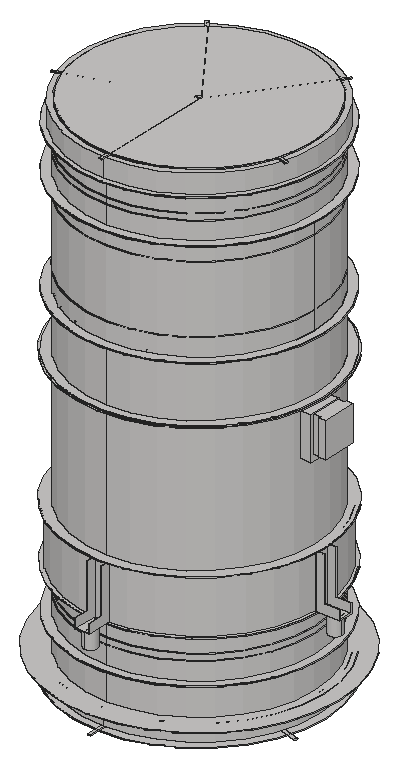
Revit family "HARMANN - REVIT - MAXEE - pionowy", category Wyposażenie mechaniczne, Revit 2025
Family settings
  Wymiar okrągłego złącza = Użyj średnicy
  Klasyfikacja = Brak
  Typ części = Normalny
  Oparty na płaszczyźnie roboczej = Nie
  Zawsze pionowo = Tak
  Tnij formami wycięć po wczytaniu = Nie
  Zachowaj orientację opisów = Nie
  Współdzielony = Nie
  Punkt obliczania pomieszczeń = Nie
Parameters (values of type "MAXEE 1250/6/119600T")
  Zaznacz wybrane akcesoria [instance] = "Wybierz akcesoria"  # constant formula
  Zasilanie natężenie maksymalne Imax = 68.8 A
  Zasilanie napięcie nominalne Unom = 400 V  # constant formula
  Zasilanie Moc maksymalna Pmax = 37683 W
  Zasilanie Ilość faz = 3  # constant formula
  Zasilanie Częstotliwość Nominalna fnom = 50 Hz  # constant formula
  Zasilanie Częstotliwość Minimalna fmin = 20 Hz  # constant formula
  Zasilanie Częstotliwość Maksymalna fmax = 60 Hz
  Wyłącznik serwisowy AS [instance] = 1 = 1  # yes
  Wysokość FSD = size_lookup(Lookup Table Name, "Wysokość FSD", 1.00 mm, N1)  # 94.00 mm
  Wysokość FAL = size_lookup(Lookup Table Name, "Wysokość FAL", 1.00 mm, N1)  # 270.00 mm
  Wysokość = R2 - (Wysokość FAL / 2) + 8.00 mm  # 498.00 mm
  Temperatura pracy T = 60 °C  # constant formula
  TRA [instance] = and(D > 999.00 mm, D < 1251.00 mm)  # yes
  Rzeczywista Wartość Przepływu Wylot [instance] = Podaj Rzeczywistą Wartość Przepływu Wylot  # 0.0 m³/h
  Rzeczywista Wartość Przepływu Wlot [instance] = Podaj Rzeczywistą Wartość Przepływu Wlot  # 0.0 m³/h
  R2 = D / 2  # 625.00 mm
  Powietrze ciśnienie statyczne maksymalne dPmax = 1015.0 Pa
  Powietrze Przepływ Maksymalny Qmax = 119640.0 m³/h
  Podaj Rzeczywistą Wartość Przepływu Wylot [instance] = 0.0 m³/h
  Podaj Rzeczywistą Wartość Przepływu Wlot [instance] = 0.0 m³/h
  Obroty nominalne nnom = 1190.000 obr./min
  Numer artykułu = "16259200"
  N1 = 40 mm
  Model = "MAXEE 1250/6/119600T"
  Moc akustyczna nominalna obudowa Lwa = "96 dB(A)"
  Masa = 550.00 kg
  Producent = "Harmann Polska Sp. z o.o."  # constant formula
  MAXEE = HARMANN - MAXEE : MAXEE 1250/6/119600T
  Lookup Table Name = "MAXEE"
  Klasa odporności ogniowej Tmax = "brak"  # constant formula
  F = size_lookup(Lookup Table Name, "F", 1.00 mm, N1)  # 997.00 mm
  Długość TRA = Długość MAXEE - (23.50 mm * 2)  # 681.00 mm
  Długość SGE = 6.50 mm  # constant formula
  Długość RVS SPR [instance] = if(Czy Przyłącze okrągłe RVS, Długość RVS, 0.00 mm)  # 308.00 mm
  Długość RVS [instance] = size_lookup(Lookup Table Name, "Długość RVS", 1.00 mm, N1)  # 308.00 mm
  Długość RVK SPR [instance] = if(Czy Klapa Zwrotna RVK, Długość RVK, 0.00 mm)  # 566.00 mm
  Długość RVK [instance] = size_lookup(Lookup Table Name, "Długość RVK F4", 1.00 mm, N1)  # 566.00 mm
  Długość EXP od strony tłoczonej SPR [instance] = if(Czy Złącze Elastyczne EXP od strony tłocznej, Długość EXP, 0.00 mm)  # 235.00 mm
  Długość EXP SPR [instance] = if(Czy Złącze Elastyczne EXP, Długość EXP, 0.00 mm)  # 235.00 mm
  Długość EXP [instance] = size_lookup(Lookup Table Name, "Długość RAS F4", 1.00 mm, N1)  # 235.00 mm
  Długość RAF SPR [instance] = if(Czy Kołnierz Wlotowy RAF od strony tłocznej, Długość RAF, 0.00 mm)  # 105.00 mm
  Długość RAF [instance] = size_lookup(Lookup Table Name, "Długość RAF", 1.00 mm, N1)  # 105.00 mm
  Długość MR = size_lookup(Lookup Table Name, "Długość MR", 1.00 mm, N1)  # 300.00 mm
  Długość MAXEE = size_lookup(Lookup Table Name, "B", 1.00 mm, N1)  # 728.00 mm
  Długość ESD SPR [instance] = if(Czy Dysza wlotowa ESD, Długość ESD, 0.00 mm)  # 178.00 mm
  Długość ESD [instance] = size_lookup(Lookup Table Name, "Długość ESD", 1.00 mm, N1)  # 178.00 mm
  Opis = "Kanałowy wentylator - uklad wertykalny"  # constant formula
  Domyślna rzędna = 1219.20 mm
  D2 = D + 6.00 mm  # 1256.00 mm
  D = size_lookup(Lookup Table Name, "D", 1.00 mm, N1)  # 1250.00 mm
  Czy Złącze Elastyczne EXP od strony tłocznej [instance] = yes
  Czy Złącze Elastyczne EXP [instance] = yes
  Czy Siatka Ochronna SGW od strony ssawnej [instance] = yes
  Czy Siatka Ochronna SGW od strony tłocznej [instance] = yes
  Czy Przyłącze okrągłe RVS [instance] = yes
  Czy Kołnierz Wlotowy RAF od strony tłocznej [instance] = 1 = 1  # yes
  Czy Kołnierz Wlotowy RAF od strony ssawnej [instance] = 1 = 1  # yes
  Czy Klapa Zwrotna RVK [instance] = yes
  Czy Dysza wlotowa ESD [instance] = yes
  Ciśnienie akustyczne nominalne obudowa Lpa = "89 dB(A)"
  C = size_lookup(Lookup Table Name, "C", 1.00 mm, N1)  # 1320.00 mm
  B = size_lookup(Lookup Table Name, "B", 1.00 mm, N1)  # 728.00 mm
  Autor = "https://www.archispace.com/"
  Akcesoria od strony tłocznej (WYLOT) [instance] = "Akcesoria od strony tłocznej"  # constant formula
  Akcesoria od strony ssawnej (WLOT) = "Akcesoria od strony ssawnej"  # constant formula
  Akc SGE dla ESD = HARMANN - Akcesoria - SGE : SGE 1400
  Akc SGE = HARMANN - Akcesoria - SGE : SGE 1250
  Akc RVS = HARMANN - Akcesoria - RVS : RVS 1250
  Akc RVK = HARMANN - Akcesoria - RVK : RVK 1250
  Akc EXP = HARMANN - Akcesoria - EXP : EXP 1250
  Akc RAF = HARMANN - Akcesoria - RAF : RAF 1250
  Akc MR = HARMANN - Akcesoria - MR : MR 1250
  Akc ESD = HARMANN - Akcesoria - ESD : ESD 1250
  A = size_lookup(Lookup Table Name, "A", 1.00 mm, N1)  # 1370.00 mm
Reference planes
  plane 1 "Center (Front/Back)": y = 0
  plane 2: z = 0
  plane 3 "Center (Left/Right)": x = 0
  plane 4: z = 111.5
  plane 5: z = 824.5
  plane 6: z = 524.5
  plane 7: z = 289.5
  plane 8: z = 1552.5
  plane 9: z = 2661.5
  plane 10: z = 2426.5
  plane 11: z = 2766.5
  plane 12: z = 2773
  plane 13: z = 1860.5
  plane 14: z = 6.5
Dimensions and locks
  "Długość MR": plane 5 to plane 6
  "Długość EXP SPR": plane 6 to plane 7
  "Długość MAXEE": plane 8 to plane 5
  "Długość ESD SPR": plane 7 to plane 4
  "Długość RVK SPR": plane 10 to plane 13
  "Długość RVS SPR": plane 13 to plane 8
  "Długość EXP od strony tłoczonej SPR": plane 9 to plane 10
  "Długość RAF SPR": plane 11 to plane 9
  "Długość SGE": plane 12 to plane 11
  "Długość RAF SPR": plane 4 to plane 14
  "Długość SGE": plane 14 to level
  aligned and locked: level to plane 2
  aligned and locked: nested 1 to plane 1 "Center (Front/Back)"
  aligned and locked: nested 2 to plane 1 "Center (Front/Back)"
  aligned and locked: nested 3 to plane 1 "Center (Front/Back)"
  aligned and locked: nested 4 to plane 1 "Center (Front/Back)"
  aligned and locked: nested 4 to plane 5
  aligned and locked: nested 2 to plane 6
  aligned and locked: nested 3 to plane 7
  aligned and locked: plane 8 to nested 1
  aligned and locked: plane 1 "Center (Front/Back)" to nested 5
  aligned and locked: nested 6 to plane 9
  aligned and locked: nested 7 to plane 10
  aligned and locked: plane 1 "Center (Front/Back)" to nested 7
  aligned and locked: plane 3 "Center (Left/Right)" to nested 7
  aligned and locked: nested 8 to plane 1 "Center (Front/Back)"
  aligned and locked: plane 11 to nested 8
  aligned and locked: plane 13 to nested 5
  aligned and locked: nested 9 to plane 1 "Center (Front/Back)"
  aligned and locked: plane 12 to nested 9
  aligned and locked: plane 1 "Center (Front/Back)" to nested 10
  aligned and locked: plane 4 to nested 11
  aligned and locked: plane 14 to nested 10
  aligned and locked: plane 1 "Center (Front/Back)" to nested 11
Nested families
  nested 1: "HARMANN - MAXEE" at (0, 0, 824.5) x (0, 1, 0) z (1, 0, 0), type <- "MAXEE", type "MAXEE 1250/6/119600T"
  nested 2: "HARMANN - Akcesoria - EXP" at (0, 0, 289.5) x (0, 1, 0) z (1, 0, 0), type <- "Akc EXP", visible <- "Czy Złącze Elastyczne EXP", type "EXP 1250"
    with N1 13 mm, Masa 20.60 kg, E 235.00 mm, D 1254.00 mm, B 1250.00 mm, A2 1350.00 mm, A 1320.00 mm
  nested 3: "HARMANN - Akcesoria - ESD" at (0, 0, 111.5) x (0, 1, 0) z (1, 0, 0), type <- "Akc ESD", visible <- "Czy Dysza wlotowa ESD", type "ESD 1250"
  nested 4: "HARMANN - Akcesoria - MR" at (0, 0, 524.5) x (0, 1, 0) z (1, 0, 0), type <- "Akc MR", type "MR 1250"
  nested 5: "HARMANN - Akcesoria - RVS" at (0, 0, 1860.5) x (0, -1, 0) z (1, 0, 0), type <- "Akc RVS", visible <- "Czy Przyłącze okrągłe RVS", type "RVS 1250"
  nested 6: "HARMANN - Akcesoria - EXP" at (0, 0, 2426.5) x (0, 1, 0) z (1, 0, 0), type <- "Akc EXP", visible <- "Czy Złącze Elastyczne EXP od strony tłocznej", type "EXP 1250"
    with N1 13 mm, Masa 20.60 kg, E 235.00 mm, D 1254.00 mm, B 1250.00 mm, A2 1350.00 mm, A 1320.00 mm
  nested 7: "HARMANN - Akcesoria - RVK" at (0, 0, 1860.5) x (1, 0, 0) z (0, -1, 0), type <- "Akc RVK", visible <- "Czy Klapa Zwrotna RVK", type "RVK 1250"
    with Instalacja Pionowa yes
  nested 8: "HARMANN - Akcesoria - RAF" at (0, 0, 2661.5) x (0, -1, 0) z (1, 0, 0), type <- "Akc RAF", visible <- "Czy Kołnierz Wlotowy RAF od strony tłocznej", type "RAF 1250"
  nested 9: "HARMANN - Akcesoria - SGE" at (0, 0, 2766.5) x (0, -1, 0) z (1, 0, 0), type <- "Akc SGE", visible <- "Czy Siatka Ochronna SGW od strony tłocznej", type "SGE 1250"
  nested 10: "HARMANN - Akcesoria - SGE" at (0, 0, 6.5) x (0, -1, 0) z (1, 0, 0), type <- "Akc SGE dla ESD", visible <- "Czy Siatka Ochronna SGW od strony ssawnej", type "SGE 1400"
  nested 11: "HARMANN - Akcesoria - RAF" at (0, 0, 111.5) x (0, -1, 0) z (1, 0, 0), type <- "Akc RAF", visible <- "Czy Kołnierz Wlotowy RAF od strony ssawnej", type "RAF 1250"
Connectors
  electrical at (760, 0, 1414.25), driven by "Zasilanie Ilość faz", driven by "Zasilanie napięcie nominalne Unom", driven by "Zasilanie Moc maksymalna Pmax"
    settings: on nested 1, index 1, voltage 400 V, apparent load 37683 VA, apparent load phase1 0 VA, apparent load phase2 0 VA, apparent load phase3 0 VA, power factor 1, load classification "Other", number of poles 3, system type 30, power factor state 1, is connector primary yes, connector utility no, sub classification motor no, connector description ""
  hvac at (0, 0, 2661.5), driven by "D", driven by "Rzeczywista Wartość Przepływu Wylot"
    settings: on nested 8, index 2, duct flow 0.0 m³/h, flow factor 0, pres drop 0.0 Pa, loss coef 0, conn angle 0.00°, conn width 304.8 mm, conn height 304.8 mm, conn diameter 1250 mm, duct sys type 29, conn prof type 0, flow config 0, flow direction 2, loss method 0, conn ref index -1, conn util no, is conn primary yes, conn desc ""
  hvac at (0, 0, 289.5), driven by "D", driven by "Rzeczywista Wartość Przepływu Wlot"
    settings: on nested 3, index 3, duct flow 0.0 m³/h, flow factor 0, pres drop 0.0 Pa, loss coef 0, conn angle 0.00°, conn width 304.8 mm, conn height 304.8 mm, conn diameter 1250 mm, duct sys type 29, conn prof type 0, flow config 1, flow direction 1, loss method 0, conn ref index -1, conn util no, is conn primary no, conn desc ""
Definition of nested family "HARMANN - MAXEE"
  Parameters (values of type "MAXEE 900/4/49400T")
    z = D - 100.00 mm  # 800.00 mm
    y = D - 200.00 mm  # 700.00 mm
    R = D2 / 2  # 453.00 mm
    Numer artykułu = size_lookup(Lookup Table Name, "Numer artykułu", "n/a", N1)  # "16269700"
    N1 = 25 mm
    Model = size_lookup(Lookup Table Name, "Model", "n/a", N1)  # "MAXEE.HT 900/4/49400T"
    Lookup Table Name = "MAXEE"
    F = size_lookup(Lookup Table Name, "F", 1.00 mm, N1)  # 670.00 mm
    Description = "Wentylator oddymiający"
    Default Elevation = 1219.20 mm
    D2 = D + 6.00 mm  # 906.00 mm
    D = size_lookup(Lookup Table Name, "D", 1.00 mm, N1)  # 900.00 mm
    B = size_lookup(Lookup Table Name, "B", 1.00 mm, N1)  # 638.00 mm
    A = size_lookup(Lookup Table Name, "A", 1.00 mm, N1)  # 1010.00 mm
  Types (40, lengths in mm): name | z | y | R | Numer artykułu | N1 | Model | Lookup Table Name | F | D2 | D | B | A
    MAXEE 1250/6/119600T | 1150.00 | 1050.00 | 628.00 | "16259000" | 40 | "MAXEE.HT 1250/6/119600T" | "MAXEE" | 997.00 | 1256.00 | 1250.00 | 728.00 | 1370.00
    MAXEE 1250/6/109300T | 1150.00 | 1050.00 | 628.00 | "16258100" | 39 | "MAXEE.HT 1250/6/109300T" | "MAXEE" | 997.00 | 1256.00 | 1250.00 | 728.00 | 1370.00
    MAXEE 1250/6/98500T | 1150.00 | 1050.00 | 628.00 | "16257600" | 38 | "MAXEE.HT 1250/6/98500T" | "MAXEE" | 997.00 | 1256.00 | 1250.00 | 728.00 | 1370.00
    MAXEE 1250/6/79400T | 1150.00 | 1050.00 | 628.00 | "16256800" | 37 | "MAXEE.HT 1250/6/79400T" | "MAXEE" | 874.00 | 1256.00 | 1250.00 | 728.00 | 1370.00
    MAXEE 1120/6/85800T | 1020.00 | 920.00 | 563.00 | "16270900" | 36 | "MAXEE.HT 1120/6/85800T" | "MAXEE" | 967.00 | 1126.00 | 1120.00 | 728.00 | 1240.00
    MAXEE 1120/6/71400T | 1020.00 | 920.00 | 563.00 | "16270400" | 35 | "MAXEE.HT 1120/6/71400T" | "MAXEE" | 844.00 | 1126.00 | 1120.00 | 728.00 | 1240.00
    MAXEE 1120/6/62200T | 1020.00 | 920.00 | 563.00 | "16271300" | 34 | "MAXEE.HT 1120/6/62200T" | "MAXEE" | 745.00 | 1126.00 | 1120.00 | 728.00 | 1240.00
    MAXEE 1000/4/76100T | 900.00 | 800.00 | 503.00 | "16263900" | 33 | "MAXEE.HT 1000/4/76100T" | "MAXEE" | 834.00 | 1006.00 | 1000.00 | 638.00 | 1110.00
    MAXEE 1000/4/75800T | 900.00 | 800.00 | 503.00 | "16264500" | 32 | "MAXEE.HT 1000/4/75800T" | "MAXEE_HT" | 872.00 | 1006.00 | 1000.00 | 638.00 | 1110.00
    MAXEE 1000/4/67500T | 900.00 | 800.00 | 503.00 | "16263400" | 31 | "MAXEE.HT 1000/4/67500T" | "MAXEE" | 814.00 | 1006.00 | 1000.00 | 638.00 | 1110.00
    MAXEE 1000/4/60000T | 900.00 | 800.00 | 503.00 | "16260600" | 29 | "MAXEE.HT 1000/4/60000T" | "MAXEE" | 770.00 | 1006.00 | 1000.00 | 638.00 | 1110.00
    MAXEE 1000/6/49300T | 900.00 | 800.00 | 503.00 | "16265000" | 28 | "MAXEE.HT 1000/6/49300T" | "MAXEE" | 715.00 | 1006.00 | 1000.00 | 638.00 | 1110.00
    MAXEE 900/4/60300T | 800.00 | 700.00 | 453.00 | "16267900" | 27 | "MAXEE.HT 900/4/60300T" | "MAXEE" | 794.00 | 906.00 | 900.00 | 638.00 | 1010.00
    MAXEE 900/4/54700T | 800.00 | 700.00 | 453.00 | "16265600" | 26 | "MAXEE.HT 900/4/54700T" | "MAXEE" | 750.00 | 906.00 | 900.00 | 638.00 | 1010.00
    MAXEE 900/4/49400T | 800.00 | 700.00 | 453.00 | "16269700" | 25 | "MAXEE.HT 900/4/49400T" | "MAXEE" | 670.00 | 906.00 | 900.00 | 638.00 | 1010.00
    MAXEE 900/6/43400T | 800.00 | 700.00 | 453.00 | "16269100" | 24 | "MAXEE.HT 900/6/43400T" | "MAXEE" | 695.00 | 906.00 | 900.00 | 638.00 | 1010.00
    MAXEE 900/4/43300T | 800.00 | 700.00 | 453.00 | "16268500" | 23 | "MAXEE.HT 900/4/43300T" | "MAXEE" | 725.00 | 906.00 | 900.00 | 638.00 | 1010.00
    MAXEE 800/4/48700T | 700.00 | 600.00 | 403.00 | "16084400" | 22 | "MAXEE.HT 800/4/48700T" | "MAXEE" | 725.00 | 806.00 | 800.00 | 648.00 | 900.00
    MAXEE 800/4/39900T | 700.00 | 600.00 | 403.00 | "16256200" | 21 | "MAXEE.HT 800/4/39900T" | "MAXEE" | 670.00 | 806.00 | 800.00 | 648.00 | 900.00
    MAXEE 800/6/36800T | 700.00 | 600.00 | 403.00 | "16254100" | 20 | "MAXEE.HT 800/6/36800T" | "MAXEE" | 670.00 | 806.00 | 800.00 | 648.00 | 900.00
    MAXEE 800/4/31600T | 700.00 | 600.00 | 403.00 | "16252300" | 19 | "MAXEE.HT 800/4/31600T" | "MAXEE" | 516.00 | 806.00 | 800.00 | 648.00 | 900.00
    MAXEE 800/4/30800T | 700.00 | 600.00 | 403.00 | "16250700" | 18 | "MAXEE.HT 800/4/30800T" | "MAXEE" | 516.00 | 806.00 | 800.00 | 648.00 | 900.00
    MAXEE 800/6/26500T | 700.00 | 600.00 | 403.00 | "16246500" | 17 | "MAXEE.HT 800/6/26500T" | "MAXEE" | 516.00 | 806.00 | 800.00 | 648.00 | 900.00
    MAXEE 710/4/36500T | 610.00 | 510.00 | 358.00 | "15471700" | 16 | "MAXEE.HT 710/4/36600T" | "MAXEE" | 516.00 | 716.00 | 710.00 | 433.00 | 810.00
    MAXEE 710/6/22500T | 610.00 | 510.00 | 358.00 | "15471600" | 15 | "MAXEE.HT 710/6/22600T" | "MAXEE" | 600.00 | 716.00 | 710.00 | 433.00 | 810.00
    MAXEE 630/6/16100T | 530.00 | 430.00 | 318.00 | "15471400" | 14 | "MAXEE.HT 630/6/16200T" | "MAXEE" | 486.00 | 636.00 | 630.00 | 443.00 | 720.00
    MAXEE 630/4/24600T | 530.00 | 430.00 | 318.00 | "15471500" | 13 | "MAXEE.HT 630/4/24600T" | "MAXEE" | 504.00 | 636.00 | 630.00 | 443.00 | 720.00
    MAXEE 560/4/16500T | 460.00 | 360.00 | 283.00 | "15471300" | 12 | "MAXEE.HT 560/4/16600T" | "MAXEE" | 474.00 | 566.00 | 560.00 | 443.00 | 650.00
    MAXEE 560/4/15300T | 460.00 | 360.00 | 283.00 | "15471200" | 11 | "MAXEE.HT 560/4/15400T" | "MAXEE" | 515.00 | 566.00 | 560.00 | 443.00 | 650.00
    MAXEE 500/2/19600T | 400.00 | 300.00 | 253.00 | "15471100" | 10 | "MAXEE.HT 500/2/19600T" | "MAXEE" | 515.00 | 506.00 | 500.00 | 443.00 | 590.00
    MAXEE 500/4/11600T | 400.00 | 300.00 | 253.00 | "15471000" | 9 | "MAXEE.HT 500/4/11600T" | "MAXEE" | 465.00 | 506.00 | 500.00 | 443.00 | 590.00
    MAXEE 450/2/15300T | 350.00 | 250.00 | 228.00 | "15470900" | 8 | "MAXEE.HT 450/2/15300T" | "MAXEE" | 465.00 | 456.00 | 450.00 | 368.00 | 530.00
    MAXEE 450/4/8400T | 350.00 | 250.00 | 228.00 | "15470800" | 7 | "MAXEE.HT 450/4/8500T" | "MAXEE" | 396.00 | 456.00 | 450.00 | 368.00 | 530.00
    MAXEE 400/2/10800T | 300.00 | 200.00 | 203.00 | "15470700" | 6 | "MAXEE.HT 400/2/10800T" | "MAXEE" | 396.00 | 406.00 | 400.00 | 368.00 | 480.00
    MAXEE 400/4/6800T | 300.00 | 200.00 | 203.00 | "15470600" | 5 | "MAXEE.HT 400/4/6900T" | "MAXEE" | 396.00 | 406.00 | 400.00 | 368.00 | 480.00
    MAXEE 355/2/6900T | 255.00 | 155.00 | 180.50 | "15470500" | 4 | "MAXEE.HT 355/2/6900T" | "MAXEE" | 396.00 | 361.00 | 355.00 | 383.00 | 420.00
    MAXEE 355/4/4800T | 255.00 | 155.00 | 180.50 | "15470400" | 3 | "MAXEE.HT 355/4/4900T" | "MAXEE" | 396.00 | 361.00 | 355.00 | 383.00 | 420.00
    MAXEE 315/2/5800T | 215.00 | 115.00 | 160.50 | "15470300" | 2 | "MAXEE.HT 315/2/5800T" | "MAXEE" | 396.00 | 321.00 | 315.00 | 383.00 | 380.00
    MAXEE 315/4/3900T | 215.00 | 115.00 | 160.50 | "15470200" | 1 | "MAXEE.HT 315/4/3950T" | "MAXEE" | 396.00 | 321.00 | 315.00 | 383.00 | 380.00
    MAXEE 1000/6/60100T | 900.00 | 800.00 | 503.00 | "16262900" | 30 | "MAXEE.HT 1000/6/60100T" | "MAXEE" | 814.00 | 1006.00 | 1000.00 | 638.00 | 1110.00
  Reference planes
    plane 1 "Center (Front/Back)": y = 0
    plane 2: z = 0
    plane 3 "Center (Left/Right)": x = 0
    plane 4: x = -450
    plane 5: x = 450
    plane 6: z = 450
    plane 7: z = -450
    plane 8: y = 638
    plane 9 "Center L/S": y = 3
    plane 10: y = 635
    plane 11: y = 538
    plane 12: y = 670
    plane 13: y = 595
    plane 14: y = 365
    plane 15: x = -92.5
    plane 16: x = 92.5
    plane 17: z = 585
  Forms (mm)
    Sweep 1, solid, detail levels medium+fine
      path origin (0, 0, 0) x (1, 0, 0) y (0, 1, 0)
        loop
          line (0, 635) -> (0, 3)
      profile origin (0, 319, 0) x (1, 0, 0) y (0, 0, 1)
        loop
          circle (0, 0) r 450
        loop
          circle (0, 0) r 453
    Sweep 2, solid, detail levels medium+fine
      path origin (0, 0, 0) x (1, 0, 0) y (0, 1, 0)
        loop
          line (0, 638) -> (0, 635)
      profile origin (0, 636.5, 0) x (1, 0, 0) y (0, 0, 1)
        loop
          circle (0, 0) r 505
        loop
          circle (0, 0) r 450
    Sweep 3, solid, detail levels medium+fine
      path origin (0, 0, 0) x (1, 0, 0) y (0, 1, 0)
        loop
          line (0, 3) -> (0, 0)
      profile origin (0, 1.5, 0) x (1, 0, 0) y (0, 0, 1)
        loop
          circle (0, 0) r 505
        loop
          circle (0, 0) r 450
    Sweep 4, solid, detail levels coarse
      path origin (0, 0, 0) x (1, 0, 0) y (0, 1, 0)
        loop
          line (0, 638) -> (0, 0)
      profile origin (0, 319, 0) x (1, 0, 0) y (0, 0, 1)
        loop
          circle (0, 0) r 505
    Sweep 5, solid, detail levels medium+fine
      path origin (-1437.329, -1524, 450) x (-1, 0, 0) y (0, -1, 0)
        loop
          line (-1437.329, -2119) -> (-1437.329, -1889)
      profile origin (0, 480, 450) x (1, 0, 0) y (0, 0, 1)
        loop
          line (92.5, -6.545) -> (92.5, 55.5) -> (-92.5, 55.5) -> (-92.5, -6.545)
          arc (-92.5, -6.545) -> (0, 3) -> (92.5, -6.545) r 453
    Sweep 6, solid, detail levels medium+fine
      path origin (-1437.329, -1524, 450) x (-1, 0, 0) y (0, -1, 0)
        loop
          line (-1437.329, -2119) -> (-1437.329, -1928.5)
      profile origin (0, 499.75, 450) x (1, 0, 0) y (0, 0, 1)
        loop
          line (-92.5, 135) -> (-92.5, 98) -> (-83.5, 98) -> (-83.5, 55.5) -> (83.5, 55.5) -> (83.5, 98) -> (92.5, 98) -> (92.5, 135) -> (-92.5, 135)
    Sweep 7, solid, detail levels medium+fine
      path origin (0, 0, 0) x (1, 0, 0) y (0, 1, 0)
        loop
          line (0, 635) -> (0, 3)
      profile origin (0, 319, 0) x (1, 0, 0) y (0, 0, 1)
        loop
          circle (0, 0) r 400
    Sweep 8, solid, detail levels medium+fine
      path origin (0, 0, 0) x (1, 0, 0) y (0, 1, 0)
        loop
          line (0, 670) -> (0, 638)
      profile origin (0, 654, 0) x (1, 0, 0) y (0, 0, 1)
        loop
          circle (0, 0) r 350
  Dimensions and locks
    equal spacing: plane 5, plane 3 "Center (Left/Right)", plane 4
    "D": plane 5 to plane 4
    equal spacing: plane 6, level, plane 7
    "D": plane 6 to plane 7
    locked: plane 1 "Center (Front/Back)" to plane 9 "Center L/S" at 3
    locked: plane 10 to plane 8 at 3
    locked: plane 11 to plane 8 at 100
    "F": plane 1 "Center (Front/Back)" to plane 12
    "B": plane 1 "Center (Front/Back)" to plane 8
    locked: plane 13 to plane 8 at 43
    locked: plane 14 to plane 13 at 230
    plane 15 to plane 3 "Center (Left/Right)" to plane 16 = 92.50 mm locked, 92.50 mm locked
    locked: plane 17 to plane 6 at 135
    locked: plane 17 to Sweep 5 sketch curve at 79.5
    locked: plane 17 to Sweep 6 sketch curve at 37
    locked: Sweep 6 sketch curve to plane 17 at 79.5
    locked: Sweep 6 sketch curve to plane 15 at 9
    locked: plane 16 to Sweep 6 sketch curve at 9
    locked: plane 14 to Sweep 6 sketch curve at 39.5
    "D": diameter of Sweep 1 sketch curve
    "D2": diameter of Sweep 1 sketch curve
    "D": diameter of Sweep 2 sketch curve
    "A": diameter of Sweep 2 sketch curve
    "D": diameter of Sweep 3 sketch curve
    "A": diameter of Sweep 3 sketch curve
    "A": diameter of Sweep 4 sketch curve
    "R": radius of Sweep 5 sketch curve
    "z": diameter of Sweep 7 sketch curve
    "y": diameter of Sweep 8 sketch curve
    aligned and locked: level to plane 2
    aligned and locked: Sweep 1 sketch curve to plane 3 "Center (Left/Right)"
    aligned and locked: plane 10 to Sweep 1 sketch curve
    aligned and locked: plane 9 "Center L/S" to Sweep 1 sketch curve
    aligned and locked: Sweep 2 sketch curve to plane 3 "Center (Left/Right)"
    aligned and locked: plane 8 to Sweep 2 sketch curve
    aligned and locked: plane 10 to Sweep 2 sketch curve
    aligned and locked: plane 1 "Center (Front/Back)" to Sweep 3 sketch curve
    aligned and locked: plane 9 "Center L/S" to Sweep 3 sketch curve
    aligned and locked: plane 8 to Sweep 4 sketch curve
    aligned and locked: plane 1 "Center (Front/Back)" to Sweep 4 sketch curve
    aligned and locked: Sweep 5 sketch curve to plane 3 "Center (Left/Right)"
    aligned and locked: plane 14 to Sweep 5 sketch curve
    aligned and locked: plane 13 to Sweep 5 sketch curve
    aligned and locked: Sweep 5 sketch curve to plane 15
    aligned and locked: Sweep 5 sketch curve to plane 16
    aligned and locked: level to Sweep 5 sketch curve
    aligned and locked: plane 3 "Center (Left/Right)" to Sweep 5 sketch curve
    aligned and locked: plane 13 to Sweep 6 sketch curve
    aligned and locked: Sweep 6 sketch curve to plane 15
    aligned and locked: Sweep 6 sketch curve to plane 16
    aligned and locked: Sweep 6 sketch curve to plane 17
    aligned and locked: plane 10 to Sweep 7 sketch curve
    aligned and locked: plane 9 "Center L/S" to Sweep 7 sketch curve
    aligned and locked: plane 12 to Sweep 8 sketch curve
    aligned and locked: plane 8 to Sweep 8 sketch curve
  Automatic sketch dimensions
    Sweep 3 sketch curve to plane 3 "Center (Left/Right)" = 0.00 mm
    Sweep 4 sketch curve to plane 3 "Center (Left/Right)" = 0.00 mm
    Sweep 6 sketch curve to Sweep 6 sketch curve = 37.00 mm
    Sweep 6 sketch curve to plane 3 "Center (Left/Right)" = 0.00 mm
    Sweep 7 sketch curve to plane 3 "Center (Left/Right)" = 0.00 mm
    Sweep 8 sketch curve to plane 3 "Center (Left/Right)" = 0.00 mm
    Sweep 1 sketch curve to Sweep 1 sketch curve = 0.00 mm  (x2)
    Sweep 1 sketch curve to level = 0.00 mm
    profile plane to Sweep 1 sketch curve = 0.00 mm
    Sweep 2 sketch curve to Sweep 2 sketch curve = 0.00 mm  (x2)
    Sweep 2 sketch curve to level = 0.00 mm
    profile plane to Sweep 2 sketch curve = 0.00 mm
    Sweep 3 sketch curve to Sweep 3 sketch curve = 0.00 mm  (x2)
    Sweep 3 sketch curve to level = 0.00 mm
    profile plane to Sweep 3 sketch curve = 0.00 mm
    Sweep 4 sketch curve to level = 0.00 mm
    profile plane to Sweep 4 sketch curve = 0.00 mm
    Sweep 7 sketch curve to level = 0.00 mm
    profile plane to Sweep 7 sketch curve = 0.00 mm
    Sweep 8 sketch curve to level = 0.00 mm
    profile plane to Sweep 8 sketch curve = 0.00 mm
Definition of nested family "HARMANN - Akcesoria - EXP"
  Parameters (values of type "RAS 315 F4")
    N1 = 1 mm
    Model = size_lookup(Lookup Table Name, "Model", "n/a", N1)  # "RAS 315 F4"
    Masa = 2.70 kg
    Manufacturer = "Harmann Polska Sp. z o.o."  # constant formula
    Lookup Table Name = "RAS F4"
    E = size_lookup(Lookup Table Name, "E", 1.00 mm, N1)  # 120.00 mm
    Description = "Złącze elastyczne"  # constant formula
    Default Elevation = 1219.20 mm
    D = B + 4.00 mm  # 319.00 mm
    B = size_lookup(Lookup Table Name, "B", 1.00 mm, N1)  # 315.00 mm
    A2 = A + 30.00 mm  # 385.00 mm
    A = size_lookup(Lookup Table Name, "A", 1.00 mm, N1)  # 355.00 mm
  Types (13, lengths in mm): name | N1 | Model | Masa | E | D | B | A2 | A
    RAS 1000 F4 | 11 | "RAS 1000 F4" | 16.50 kg | 245.00 | 1004.00 | 1000.00 | 1100.00 | 1070.00
    RAS 315 F4 | 1 | "RAS 315 F4" | 2.70 kg | 120.00 | 319.00 | 315.00 | 385.00 | 355.00
    RAS 355 F4 | 2 | "RAS 355 F4" | 3.30 kg | 120.00 | 359.00 | 355.00 | 425.00 | 395.00
    RAS 400 F4 | 3 | "RAS 400 F4" | 3.70 kg | 105.00 | 404.00 | 400.00 | 480.00 | 450.00
    RAS 450 F4 | 4 | "RAS 450 F4" | 4.50 kg | 105.00 | 454.00 | 450.00 | 530.00 | 500.00
    RAS 500 F4 | 5 | "RAS 500 F4" | 6.00 kg | 153.00 | 504.00 | 500.00 | 590.00 | 560.00
    RAS 560 F4 | 6 | "RAS 560 F4" | 6.60 kg | 153.00 | 564.00 | 560.00 | 650.00 | 620.00
    RAS 630 F4 | 7 | "RAS 630 F4" | 7.40 kg | 153.00 | 634.00 | 630.00 | 720.00 | 690.00
    RAS 710 F4 | 8 | "RAS 710 F4" | 12.50 kg | 255.00 | 714.00 | 710.00 | 800.00 | 770.00
    RAS 800 F4 | 9 | "RAS 800 F4" | 13.20 kg | 255.00 | 804.00 | 800.00 | 890.00 | 860.00
    RAS 900 F4 | 10 | "RAS 900 F4" | 14.90 kg | 245.00 | 904.00 | 900.00 | 1000.00 | 970.00
    RAS 1120 F4 | 12 | "RAS 1120 F4" | 18.50 kg | 235.00 | 1124.00 | 1120.00 | 1220.00 | 1190.00
    RAS 1250 F4 | 13 | "RAS 1250 F4" | 20.60 kg | 235.00 | 1254.00 | 1250.00 | 1350.00 | 1320.00
  Reference planes
    plane 1 "Center (Front/Back)": y = 0
    plane 2: z = 0
    plane 3 "Center (Left/Right)": x = 0
    plane 4: x = -177.5
    plane 5: x = 177.5
    plane 6: z = 177.5
    plane 7: z = -177.5
    plane 8: y = 120
    plane 9 "Center L/S": y = 3
    plane 10: y = 117
    plane 11: y = 20
    plane 12: y = 100
  Forms (mm)
    Sweep 1, solid, detail levels medium+fine
      path origin (0, 0, 0) x (1, 0, 0) y (0, 1, 0)
        loop
          line (0, 117) -> (0, 3)
      profile origin (0, 60, 0) x (1, 0, 0) y (0, 0, 1)
        loop
          circle (0, 0) r 159.5
        loop
          circle (0, 0) r 157.5
    Sweep 2, solid, detail levels medium+fine
      path origin (0, 0, 0) x (1, 0, 0) y (0, 1, 0)
        loop
          line (0, 120) -> (0, 117)
      profile origin (0, 118.5, 0) x (1, 0, 0) y (0, 0, 1)
        loop
          circle (0, 0) r 192.5
        loop
          circle (0, 0) r 157.5
    Sweep 3, solid, detail levels medium+fine
      path origin (0, 0, 0) x (1, 0, 0) y (0, 1, 0)
        loop
          line (0, 3) -> (0, 0)
      profile origin (0, 1.5, 0) x (1, 0, 0) y (0, 0, 1)
        loop
          circle (0, 0) r 192.5
        loop
          circle (0, 0) r 157.5
    Sweep 4, solid, detail levels coarse
      path origin (0, 0, 0) x (1, 0, 0) y (0, 1, 0)
        loop
          line (0, 120) -> (0, 0)
      profile origin (0, 60, 0) x (1, 0, 0) y (0, 0, 1)
        loop
          circle (0, 0) r 192.5
    Sweep 5, solid, detail levels medium+fine
      path origin (0, 0, 0) x (1, 0, 0) y (0, 1, 0)
        loop
          line (0, 102) -> (0, 98)
      profile origin (0, 100, 0) x (1, 0, 0) y (0, 0, 1)
        loop
          circle (0, 0) r 159.5
        loop
          circle (0, 0) r 157.5
    Sweep 6, solid, detail levels medium+fine
      path origin (0, 0, 0) x (1, 0, 0) y (0, 1, 0)
        loop
          line (0, 22) -> (0, 18)
      profile origin (0, 20, 0) x (1, 0, 0) y (0, 0, 1)
        loop
          circle (0, 0) r 159.5
        loop
          circle (0, 0) r 157.5
  Dimensions and locks
    equal spacing: plane 5, plane 3 "Center (Left/Right)", plane 4
    "A": plane 5 to plane 4
    equal spacing: plane 6, level, plane 7
    "A": plane 6 to plane 7
    locked: plane 1 "Center (Front/Back)" to plane 9 "Center L/S" at 3
    locked: plane 10 to plane 8 at 3
    locked: plane 11 to plane 8 at 100
    "E": plane 1 "Center (Front/Back)" to plane 8
    locked: plane 1 "Center (Front/Back)" to plane 12 at 100
    equal spacing: Sweep 5 sketch curve, plane 12, Sweep 5 sketch curve
    Sweep 5 sketch curve to Sweep 5 sketch curve = 4.00 mm
    locked: Sweep 6 sketch curve to Sweep 6 sketch curve at 4
    equal spacing: Sweep 6 sketch curve, plane 11, Sweep 6 sketch curve
    "B": diameter of Sweep 1 sketch curve
    "B": diameter of Sweep 2 sketch curve
    "A2": diameter of Sweep 2 sketch curve
    "B": diameter of Sweep 3 sketch curve
    "A2": diameter of Sweep 3 sketch curve
    "A2": diameter of Sweep 4 sketch curve
    "D": diameter of Sweep 1 sketch curve
    "D": diameter of Sweep 5 sketch curve
    "B": diameter of Sweep 5 sketch curve
    "D": diameter of Sweep 6 sketch curve
    "B": diameter of Sweep 6 sketch curve
    aligned and locked: level to plane 2
    aligned and locked: Sweep 1 sketch curve to plane 3 "Center (Left/Right)"
    aligned and locked: plane 10 to Sweep 1 sketch curve
    aligned and locked: plane 9 "Center L/S" to Sweep 1 sketch curve
    aligned and locked: Sweep 2 sketch curve to plane 3 "Center (Left/Right)"
    aligned and locked: plane 8 to Sweep 2 sketch curve
    aligned and locked: plane 10 to Sweep 2 sketch curve
    aligned and locked: plane 1 "Center (Front/Back)" to Sweep 3 sketch curve
    aligned and locked: plane 9 "Center L/S" to Sweep 3 sketch curve
    aligned and locked: plane 8 to Sweep 4 sketch curve
    aligned and locked: plane 1 "Center (Front/Back)" to Sweep 4 sketch curve
  Automatic sketch dimensions
    Sweep 3 sketch curve to plane 3 "Center (Left/Right)" = 0.00 mm
    Sweep 4 sketch curve to plane 3 "Center (Left/Right)" = 0.00 mm
    Sweep 5 sketch curve to plane 3 "Center (Left/Right)" = 0.00 mm
    Sweep 6 sketch curve to plane 3 "Center (Left/Right)" = 0.00 mm
    Sweep 1 sketch curve to Sweep 1 sketch curve = 0.00 mm  (x2)
    Sweep 1 sketch curve to level = 0.00 mm
    profile plane to Sweep 1 sketch curve = 0.00 mm
    Sweep 2 sketch curve to Sweep 2 sketch curve = 0.00 mm  (x2)
    Sweep 2 sketch curve to level = 0.00 mm
    profile plane to Sweep 2 sketch curve = 0.00 mm
    Sweep 3 sketch curve to Sweep 3 sketch curve = 0.00 mm  (x2)
    Sweep 3 sketch curve to level = 0.00 mm
    profile plane to Sweep 3 sketch curve = 0.00 mm
    Sweep 4 sketch curve to level = 0.00 mm
    profile plane to Sweep 4 sketch curve = 0.00 mm
    Sweep 5 sketch curve to Sweep 5 sketch curve = 0.00 mm  (x2)
    Sweep 5 sketch curve to level = 0.00 mm
    profile plane to Sweep 5 sketch curve = 0.00 mm
    Sweep 6 sketch curve to Sweep 6 sketch curve = 0.00 mm  (x2)
    Sweep 6 sketch curve to level = 0.00 mm
    profile plane to Sweep 6 sketch curve = 0.00 mm
Definition of nested family "HARMANN - Akcesoria - ESD"
  Parameters (values of type "ESD 1250")
    Numer artykułu = size_lookup(Lookup Table Name, "Numer artykułu", "n/a", N1)  # "15758000"
    N1 = 13 mm
    Model = size_lookup(Lookup Table Name, "Model", "n/a", N1)  # "ESD 1250"
    Manufacturer = "Harmann Polska Sp. z o.o."  # constant formula
    Lookup Table Name = "ESD"
    F2 = F + 50.00 mm  # 1520.00 mm
    F = size_lookup(Lookup Table Name, "F", 1.00 mm, N1)  # 1470.00 mm
    E = size_lookup(Lookup Table Name, "E", 1.00 mm, N1)  # 178.00 mm
    Description = "Dysza wlotowa"
    Default Elevation = 1219.20 mm
    B2 = B + 4.00 mm  # 1254.00 mm
    B = size_lookup(Lookup Table Name, "B", 1.00 mm, N1)  # 1250.00 mm
    A2 = A + 30.00 mm  # 1350.00 mm
    A = size_lookup(Lookup Table Name, "A", 1.00 mm, N1)  # 1320.00 mm
  Types (13, lengths in mm): name | Numer artykułu | N1 | Model | F2 | F | E | B2 | B | A2 | A
    ESD 1000 | "15756900" | 11 | "ESD 1000" | 1240.00 | 1190.00 | 178.00 | 1004.00 | 1000.00 | 1100.00 | 1070.00
    ESD 315 | "15396200" | 1 | "ESD 315" | 445.00 | 395.00 | 79.00 | 319.00 | 315.00 | 385.00 | 355.00
    ESD 355 | "15396100" | 2 | "ESD 355" | 500.00 | 450.00 | 89.00 | 359.00 | 355.00 | 425.00 | 395.00
    ESD 400 | "15395900" | 3 | "ESD 400" | 550.00 | 500.00 | 100.00 | 404.00 | 400.00 | 480.00 | 450.00
    ESD 500 | "15395600" | 5 | "ESD 500" | 670.00 | 620.00 | 125.00 | 504.00 | 500.00 | 590.00 | 560.00
    ESD 450 | "15395700" | 4 | "ESD 450" | 610.00 | 560.00 | 112.00 | 454.00 | 450.00 | 530.00 | 500.00
    ESD 560 | "15395300" | 6 | "ESD 560" | 740.00 | 690.00 | 140.00 | 564.00 | 560.00 | 650.00 | 620.00
    ESD 630 | "15394200" | 7 | "ESD 630" | 820.00 | 770.00 | 158.00 | 634.00 | 630.00 | 720.00 | 690.00
    ESD 710 | "15393900" | 8 | "ESD 710" | 910.00 | 860.00 | 178.00 | 714.00 | 710.00 | 800.00 | 770.00
    ESD 800 | "15752700" | 9 | "ESD 800" | 1020.00 | 970.00 | 178.00 | 804.00 | 800.00 | 890.00 | 860.00
    ESD 900 | "15754300" | 10 | "ESD 900" | 1120.00 | 1070.00 | 178.00 | 904.00 | 900.00 | 1000.00 | 970.00
    ESD 1120 | "15933300" | 12 | "ESD 1120" | 1375.00 | 1325.00 | 178.00 | 1124.00 | 1120.00 | 1220.00 | 1190.00
    ESD 1250 | "15758000" | 13 | "ESD 1250" | 1520.00 | 1470.00 | 178.00 | 1254.00 | 1250.00 | 1350.00 | 1320.00
  Reference planes
    plane 1 "Center (Front/Back)": y = 0
    plane 2: z = 0
    plane 3 "Center (Left/Right)": x = 0
    plane 4: x = -660
    plane 5: x = 660
    plane 6: z = 660
    plane 7: z = -660
    plane 8: y = 178
    plane 9 "Center L/S": y = 3
    plane 10: y = 175
  Forms (mm)
    Sweep 1, solid, detail levels medium+fine
      path origin (0, 0, 0) x (1, 0, 0) y (0, 1, 0)
        loop
          line (0, 175) -> (0, 3)
      profile origin (0, 89, 0) x (1, 0, 0) y (0, 0, 1)
        loop
          circle (0, 0) r 625
        loop
          circle (0, 0) r 627
    Sweep 2, solid, detail levels medium+fine
      path origin (0, 0, 0) x (1, 0, 0) y (0, 1, 0)
        loop
          line (0, 178) -> (0, 175)
      profile origin (0, 176.5, 0) x (1, 0, 0) y (0, 0, 1)
        loop
          circle (0, 0) r 675
        loop
          circle (0, 0) r 625
    Sweep 3, solid, detail levels medium+fine
      path origin (0, 0, 0) x (1, 0, 0) y (0, 1, 0)
        loop
          line (0, 3) -> (0, 0)
      profile origin (0, 1.5, 0) x (1, 0, 0) y (0, 0, 1)
        loop
          circle (0, 0) r 760
        loop
          circle (0, 0) r 625
    Sweep 4, solid, detail levels coarse
      path origin (0, 0, 0) x (1, 0, 0) y (0, 1, 0)
        loop
          line (0, 178) -> (0, 0)
      profile origin (0, 89, 0) x (1, 0, 0) y (0, 0, 1)
        loop
          circle (0, 0) r 760
  Dimensions and locks
    equal spacing: plane 5, plane 3 "Center (Left/Right)", plane 4
    "A": plane 5 to plane 4
    equal spacing: plane 6, level, plane 7
    "A": plane 6 to plane 7
    locked: plane 1 "Center (Front/Back)" to plane 9 "Center L/S" at 3
    locked: plane 10 to plane 8 at 3
    "E": plane 1 "Center (Front/Back)" to plane 8
    "B2": diameter of Sweep 1 sketch curve
    "B": diameter of Sweep 2 sketch curve
    "A2": diameter of Sweep 2 sketch curve
    "B": diameter of Sweep 3 sketch curve
    "F2": diameter of Sweep 3 sketch curve
    "F2": diameter of Sweep 4 sketch curve
    "B": diameter of Sweep 1 sketch curve
    aligned and locked: level to plane 2
    aligned and locked: Sweep 1 sketch curve to plane 3 "Center (Left/Right)"
    aligned and locked: plane 10 to Sweep 1 sketch curve
    aligned and locked: plane 9 "Center L/S" to Sweep 1 sketch curve
    aligned and locked: Sweep 2 sketch curve to plane 3 "Center (Left/Right)"
    aligned and locked: plane 8 to Sweep 2 sketch curve
    aligned and locked: plane 10 to Sweep 2 sketch curve
    aligned and locked: plane 1 "Center (Front/Back)" to Sweep 3 sketch curve
    aligned and locked: plane 9 "Center L/S" to Sweep 3 sketch curve
    aligned and locked: plane 8 to Sweep 4 sketch curve
    aligned and locked: plane 1 "Center (Front/Back)" to Sweep 4 sketch curve
  Automatic sketch dimensions
    Sweep 3 sketch curve to plane 3 "Center (Left/Right)" = 0.00 mm
    Sweep 4 sketch curve to plane 3 "Center (Left/Right)" = 0.00 mm
    Sweep 1 sketch curve to Sweep 1 sketch curve = 0.00 mm  (x2)
    Sweep 1 sketch curve to level = 0.00 mm
    profile plane to Sweep 1 sketch curve = 0.00 mm
    Sweep 2 sketch curve to Sweep 2 sketch curve = 0.00 mm  (x2)
    Sweep 2 sketch curve to level = 0.00 mm
    profile plane to Sweep 2 sketch curve = 0.00 mm
    Sweep 3 sketch curve to Sweep 3 sketch curve = 0.00 mm  (x2)
    Sweep 3 sketch curve to level = 0.00 mm
    profile plane to Sweep 3 sketch curve = 0.00 mm
    Sweep 4 sketch curve to level = 0.00 mm
    profile plane to Sweep 4 sketch curve = 0.00 mm
Definition of nested family "HARMANN - Akcesoria - MR"
  Parameters (values of type "MR 1000")
    Numer artykułu = size_lookup(Lookup Table Name, "Numer artykułu", "n/a", N1)  # "16495100"
    N1 = 11 mm
    Model = size_lookup(Lookup Table Name, "Model", "n/a", N1)  # "MR 1000"
    Manufacturer = "Harmann Polska Sp. z o.o."  # constant formula
    Lookup Table Name = "MR"
    H = size_lookup(Lookup Table Name, "H", 1.00 mm, N1)  # 300.00 mm
    G = size_lookup(Lookup Table Name, "G", 1.00 mm, N1)  # 1335.00 mm
    F = size_lookup(Lookup Table Name, "F", 1.00 mm, N1)  # 1225.00 mm
    Description = "Pierścień montażowy."
    Default Elevation = 1219.20 mm
    Autor = "https://www.archispace.com/"
    Akc FSD = HARMANN - Akcesoria - FSD : FSD 11
    A2 = A + 40.00 mm  # 1110.00 mm
    B = size_lookup(Lookup Table Name, "B", 1.00 mm, N1)  # 1000.00 mm
    A = size_lookup(Lookup Table Name, "A", 1.00 mm, N1)  # 1070.00 mm
  Types (13, lengths in mm): name | Numer artykułu | N1 | Model | H | G | F | Akc FSD | A2 | B | A
    MR 315 | "16567000" | 1 | "MR 315" | 154.00 | 560.50 | 480.00 | HARMANN - Akcesoria - FSD : FSD 01 | 395.00 | 315.00 | 355.00
    MR 355 | "16571300" | 2 | "MR 355" | 154.00 | 600.00 | 520.00 | HARMANN - Akcesoria - FSD : FSD 01 | 435.00 | 355.00 | 395.00
    MR 400 | "16574200" | 3 | "MR 400" | 154.00 | 645.00 | 565.00 | HARMANN - Akcesoria - FSD : FSD 01 | 490.00 | 400.00 | 450.00
    MR 450 | "16489100" | 4 | "MR 450" | 154.00 | 700.00 | 620.00 | HARMANN - Akcesoria - FSD : FSD 02 | 540.00 | 450.00 | 500.00
    MR 500 | "16581400" | 5 | "MR 500" | 154.00 | 750.00 | 670.00 | HARMANN - Akcesoria - FSD : FSD 03 | 600.00 | 500.00 | 560.00
    MR 560 | "16582500" | 6 | "MR 560" | 154.00 | 810.00 | 730.00 | HARMANN - Akcesoria - FSD : FSD 02 | 660.00 | 560.00 | 620.00
    MR 630 | "16585200" | 7 | "MR 630" | 154.00 | 885.00 | 805.00 | HARMANN - Akcesoria - FSD : FSD 03 | 730.00 | 630.00 | 690.00
    MR 710 | "16587200" | 8 | "MR 710" | 154.00 | 960.00 | 880.00 | HARMANN - Akcesoria - FSD : FSD 04 | 810.00 | 710.00 | 770.00
    MR 800 | "16599400" | 9 | "MR 800" | 300.00 | 1130.00 | 1005.00 | HARMANN - Akcesoria - FSD : FSD 10 | 900.00 | 800.00 | 860.00
    MR 900 | "16601500" | 10 | "MR 900" | 300.00 | 1230.00 | 1105.00 | HARMANN - Akcesoria - FSD : FSD 10 | 1010.00 | 900.00 | 970.00
    MR 1000 | "16495100" | 11 | "MR 1000" | 300.00 | 1335.00 | 1225.00 | HARMANN - Akcesoria - FSD : FSD 11 | 1110.00 | 1000.00 | 1070.00
    MR 1120 | "16608500" | 12 | "MR 1120" | 300.00 | 1455.00 | 1347.00 | HARMANN - Akcesoria - FSD : FSD 11 | 1230.00 | 1120.00 | 1190.00
    MR 1250 | "16613400" | 13 | "MR 1250" | 300.00 | 1585.00 | 1475.00 | HARMANN - Akcesoria - FSD : FSD 11 | 1360.00 | 1250.00 | 1320.00
  Reference planes
    plane 1 "Center (Front/Back)": y = 0
    plane 2: z = 0
    plane 3 "Center (Left/Right)": x = 0
    plane 4: x = -535
    plane 5: x = 535
    plane 6: z = 535
    plane 7: z = -535
    plane 8: y = 300
    plane 9 "Center L/S": y = 3
    plane 10: y = 297
    plane 11: y = 200
    plane 12: x = -667.5
    plane 13: x = 667.5
    plane 14: z = 667.5
    plane 15: z = -667.5
    plane 16: z = 612.5
    plane 17: z = -612.5
    plane 18: x = -612.5
    plane 19: x = 612.5
  Forms (mm)
    Sweep 1, solid, detail levels medium+fine
      path origin (0, 0, 0) x (1, 0, 0) y (0, 1, 0)
        loop
          line (0, 297) -> (0, 3)
      profile origin (0, 150, 0) x (1, 0, 0) y (0, 0, 1)
        loop
          circle (0, 0) r 535
        loop
          circle (0, 0) r 500
    Sweep 2, solid, detail levels medium+fine
      path origin (0, 0, 0) x (1, 0, 0) y (0, 1, 0)
        loop
          line (0, 300) -> (0, 297)
      profile origin (0, 298.5, 0) x (1, 0, 0) y (0, 0, 1)
        loop
          circle (0, 0) r 555
        loop
          circle (0, 0) r 500
    Sweep 3, solid, detail levels medium+fine
      path origin (0, 0, 0) x (1, 0, 0) y (0, 1, 0)
        loop
          line (0, 3) -> (0, 0)
      profile origin (0, 1.5, 0) x (1, 0, 0) y (0, 0, 1)
        loop
          circle (0, 0) r 555
        loop
          circle (0, 0) r 500
    Sweep 4, solid, detail levels coarse
      path origin (0, 0, 0) x (1, 0, 0) y (0, 1, 0)
        loop
          line (0, 300) -> (0, 0)
      profile origin (0, 150, 0) x (1, 0, 0) y (0, 0, 1)
        loop
          circle (0, 0) r 555
    Sweep 5, solid, detail levels medium+fine
      path origin (0, 0, 0) x (1, 0, 0) y (0, 1, 0)
        loop
          line (-535, 297) -> (-535, 3) -> (-667.5, 3)
      profile origin (-601.25, 3, 0) x (0, -1, 0) y (0, 0, 1)
        loop
          line (-52, 40) -> (-52, 37) -> (-3, 37) -> (-3, -37) -> (-52, -37) -> (-52, -40) -> (0, -40) -> (0, 40) -> (-52, 40)
    Sweep 6, solid, detail levels medium+fine
      path origin (0, 0, 0) x (1, 0, 0) y (0, 1, 0)
        loop
          line (667.5, 3) -> (535, 3) -> (535, 297)
      profile origin (601.25, 3, 0) x (0, -1, 0) y (0, 0, 1)
        loop
          line (0, 40) -> (-52, 40) -> (-52, 37) -> (-3, 37) -> (-3, -37) -> (-52, -37) -> (-52, -40) -> (0, -40) -> (0, 40)
    Sweep 7, solid, detail levels medium+fine
      path origin (0, 0, 0) x (0, 1, 0) y (0, 0, 1)
        loop
          line (297, 535) -> (3, 535) -> (3, 667.5)
      profile origin (0, 150, 535) x (0, 0, -1) y (1, 0, 0)
        loop
          line (0, -40) -> (0, 40) -> (-52, 40) -> (-52, 37) -> (-3, 37) -> (-3, -37) -> (-52, -37) -> (-52, -40) -> (0, -40)
    Sweep 8, solid, detail levels medium+fine
      path origin (0, 0, 0) x (0, 1, 0) y (0, 0, 1)
        loop
          line (297, -535) -> (3, -535) -> (3, -667.5)
      profile origin (0, 150, -535) x (0, 0, -1) y (1, 0, 0)
        loop
          line (0, -40) -> (52, -40) -> (52, -37) -> (3, -37) -> (3, 37) -> (52, 37) -> (52, 40) -> (0, 40) -> (0, -40)
  Dimensions and locks
    equal spacing: plane 5, plane 3 "Center (Left/Right)", plane 4
    "A": plane 5 to plane 4
    equal spacing: plane 6, level, plane 7
    "A": plane 6 to plane 7
    locked: plane 1 "Center (Front/Back)" to plane 9 "Center L/S" at 3
    locked: plane 10 to plane 8 at 3
    locked: plane 11 to plane 8 at 100
    "H": plane 1 "Center (Front/Back)" to plane 8
    equal spacing: plane 12, plane 3 "Center (Left/Right)", plane 13
    "G": plane 12 to plane 13
    locked: Sweep 5 sketch curve to plane 9 "Center L/S" at 52
    locked: Sweep 5 sketch curve to Sweep 5 sketch curve at 3  (x2)
    equal spacing: plane 14, level, plane 15
    "G": plane 14 to plane 15
    locked: plane 3 "Center (Left/Right)" to Sweep 7 sketch curve at 40  (x2)
    locked: Sweep 7 sketch curve to Sweep 7 sketch curve at 3  (x2)
    locked: Sweep 7 sketch curve to plane 6 at 52
    locked: level to Sweep 5 sketch curve at 40
    locked: plane 2 to Sweep 5 sketch curve at 40
    locked: plane 7 to Sweep 8 sketch curve at 52
    locked: plane 7 to Sweep 8 sketch curve at 3
    locked: plane 3 "Center (Left/Right)" to Sweep 8 sketch curve at 40
    locked: Sweep 8 sketch curve to plane 3 "Center (Left/Right)" at 40
    equal spacing: plane 16, level, plane 17
    "F": plane 16 to plane 17
    equal spacing: plane 19, plane 3 "Center (Left/Right)", plane 18
    "F": plane 19 to plane 18
    "B": diameter of Sweep 1 sketch curve
    "B": diameter of Sweep 2 sketch curve
    "A2": diameter of Sweep 2 sketch curve
    "B": diameter of Sweep 3 sketch curve
    "A2": diameter of Sweep 3 sketch curve
    "A2": diameter of Sweep 4 sketch curve
    "A": diameter of Sweep 1 sketch curve
    aligned and locked: level to plane 2
    aligned and locked: Sweep 1 sketch curve to plane 3 "Center (Left/Right)"
    aligned and locked: plane 10 to Sweep 1 sketch curve
    aligned and locked: plane 9 "Center L/S" to Sweep 1 sketch curve
    aligned and locked: Sweep 2 sketch curve to plane 3 "Center (Left/Right)"
    aligned and locked: plane 8 to Sweep 2 sketch curve
    aligned and locked: plane 10 to Sweep 2 sketch curve
    aligned and locked: plane 1 "Center (Front/Back)" to Sweep 3 sketch curve
    aligned and locked: plane 9 "Center L/S" to Sweep 3 sketch curve
    aligned and locked: plane 8 to Sweep 4 sketch curve
    aligned and locked: plane 1 "Center (Front/Back)" to Sweep 4 sketch curve
    aligned and locked: Sweep 5 sketch curve to plane 9 "Center L/S"  (x2)
    aligned and locked: Sweep 5 sketch curve to plane 4
    aligned and locked: plane 10 to Sweep 5 sketch curve
    aligned and locked: plane 12 to Sweep 5 sketch curve
    aligned and locked: Sweep 5 sketch curve to Sweep 5 sketch curve
    aligned and locked: Sweep 6 sketch curve to plane 9 "Center L/S"  (x2)
    aligned and locked: Sweep 6 sketch curve to plane 5
    aligned and locked: plane 13 to Sweep 6 sketch curve
    aligned and locked: plane 10 to Sweep 6 sketch curve
    aligned and locked: Sweep 5 to Sweep 6 sketch curve  (x3)
    aligned and locked: Sweep 6 sketch curve to Sweep 5  (x2)
    aligned and locked: plane 6 to Sweep 7 sketch curve
    aligned and locked: Sweep 7 sketch curve to plane 6
    aligned and locked: Sweep 7 sketch curve to Sweep 7 sketch curve
    aligned and locked: plane 9 "Center L/S" to Sweep 7 sketch curve
    aligned and locked: plane 14 to Sweep 7 sketch curve
    aligned and locked: plane 7 to Sweep 8 sketch curve
    aligned and locked: plane 9 "Center L/S" to Sweep 8 sketch curve
    aligned and locked: plane 15 to Sweep 8 sketch curve
    aligned and locked: plane 10 to Sweep 8 sketch curve
    aligned and locked: Sweep 8 sketch curve to plane 7
    aligned and locked: Sweep 8 sketch curve to Sweep 8 sketch curve
    aligned and locked: nested 1 to plane 18
    aligned and locked: level to nested 1
    aligned and locked: plane 16 to nested 2
    aligned and locked: plane 3 "Center (Left/Right)" to nested 2
    aligned and locked: nested 3 to plane 19
    aligned and locked: level to nested 3
    aligned and locked: nested 4 to plane 17
    aligned and locked: nested 4 to plane 3 "Center (Left/Right)"
  Automatic sketch dimensions
    Sweep 3 sketch curve to plane 3 "Center (Left/Right)" = 0.00 mm
    Sweep 4 sketch curve to plane 3 "Center (Left/Right)" = 0.00 mm
    profile plane to Sweep 5 sketch curve = 3.00 mm
    profile plane to Sweep 6 sketch curve = 52.00 mm
    Sweep 6 sketch curve to Sweep 6 sketch curve = 3.00 mm
    profile plane to Sweep 7 sketch curve = 3.00 mm
    Sweep 7 sketch curve to plane 10 = 0.00 mm
    Sweep 8 sketch curve to Sweep 8 sketch curve = 3.00 mm  (x2)
    Sweep 1 sketch curve to Sweep 1 sketch curve = 0.00 mm  (x2)
    Sweep 1 sketch curve to level = 0.00 mm
    profile plane to Sweep 1 sketch curve = 0.00 mm
    Sweep 2 sketch curve to Sweep 2 sketch curve = 0.00 mm  (x2)
    Sweep 2 sketch curve to level = 0.00 mm
    profile plane to Sweep 2 sketch curve = 0.00 mm
    Sweep 3 sketch curve to Sweep 3 sketch curve = 0.00 mm  (x2)
    Sweep 3 sketch curve to level = 0.00 mm
    profile plane to Sweep 3 sketch curve = 0.00 mm
    Sweep 4 sketch curve to level = 0.00 mm
    profile plane to Sweep 4 sketch curve = 0.00 mm
  Nested families
    nested 1: "HARMANN - Akcesoria - FSD" at (-612.5, 3, 0) x (-1, 0, 0) z (0, -1, 0), type <- "Akc FSD", type "FSD 11"
    nested 2: "HARMANN - Akcesoria - FSD" at (0, 3, 612.5) x (0, 0, 1) z (0, -1, 0), type <- "Akc FSD", type "FSD 11"
    nested 3: "HARMANN - Akcesoria - FSD" at (612.5, 3, 0) x (-1, 0, 0) z (0, -1, 0), type <- "Akc FSD", type "FSD 11"
    nested 4: "HARMANN - Akcesoria - FSD" at (0, 3, -612.5) x (0, 0, -1) z (0, -1, 0), type <- "Akc FSD", type "FSD 11"
  Definition of nested family "HARMANN - Akcesoria - FSD"
    Parameters (values of type "FSD 11")
      Numer artykułu = size_lookup(Lookup Table Name, "Numer artykułu", "n/a", N1)  # "16248900"
      N1 = 6 mm
      Model = size_lookup(Lookup Table Name, "Model", "n/a", N1)  # "FSD 11"
      Manufacturer = "Harmann Polska Sp. z o.o."  # constant formula
      Lookup Table Name = "FSD"
      Description = "Stopa montażowa"  # constant formula
      Default Elevation = 1219.20 mm
      B = size_lookup(Lookup Table Name, "B", 1.00 mm, N1)  # 70.00 mm
      A = size_lookup(Lookup Table Name, "A", 1.00 mm, N1)  # 94.00 mm
    Types (6, lengths in mm): name | Numer artykułu | N1 | Model | B | A
      FSD 01 | "15549800" | 1 | "FSD 01" | 52.00 | 57.00
      FSD 02 | "15549900" | 2 | "FSD 02" | 52.00 | 57.00
      FSD 03 | "15550000" | 3 | "FSD 03" | 52.00 | 57.00
      FSD 04 | "15550100" | 4 | "FSD 04" | 70.00 | 94.00
      FSD 10 | "16248400" | 5 | "FSD 10" | 70.00 | 94.00
      FSD 11 | "16248900" | 6 | "FSD 11" | 70.00 | 94.00
    Reference planes
      plane 1 "Center (Front/Back)": y = 0
      plane 2: z = 0
      plane 3 "Center (Left/Right)": x = 0
      plane 4: x = -35
      plane 5: x = 35
      plane 6: z = 94
      plane 7: y = -35
      plane 8: y = 35
    Forms (mm)
      Sweep 1, solid
        path origin (0, 0, 0) x (0, 1, 0) y (0, 0, 1)
          loop
            line (0, 94) -> (0, 0)
        profile origin (0, 0, 47) x (1, 0, 0) y (0, 1, 0)
          loop
            circle (0, 0) r 35
    Dimensions and locks
      equal spacing: plane 7, plane 1 "Center (Front/Back)", plane 8
      "B": plane 7 to plane 8
      equal spacing: plane 4, plane 3 "Center (Left/Right)", plane 5
      "B": plane 4 to plane 5
      "A": plane 6 to plane 2
      "B": diameter of Sweep 1 sketch curve
      aligned and locked: level to plane 2
      aligned and locked: plane 1 "Center (Front/Back)" to Sweep 1 sketch curve
      aligned and locked: plane 2 to Sweep 1 sketch curve
      aligned and locked: plane 6 to Sweep 1 sketch curve
    Automatic sketch dimensions
      Sweep 1 sketch curve to plane 3 "Center (Left/Right)" = 0.00 mm
      profile plane to Sweep 1 sketch curve = 0.00 mm
Definition of nested family "HARMANN - Akcesoria - RVS"
  Parameters (values of type "RVS 1250")
    N1 = 13 mm
    Model = size_lookup(Lookup Table Name, "Model", "n/a", N1)  # "RVS 1250"
    Manufacturer = "Harmann Polska Sp. z o.o."  # constant formula
    Lookup Table Name = "RVS"
    E = size_lookup(Lookup Table Name, "E", 1.00 mm, N1)  # 308.00 mm
    Description = "Przyłącze okrągłe"  # constant formula
    Default Elevation = 1219.20 mm
    B2 = B + 6.00 mm  # 1256.00 mm
    B = size_lookup(Lookup Table Name, "B", 1.00 mm, N1)  # 1250.00 mm
    A2 = A + 30.00 mm  # 1350.00 mm
    A = size_lookup(Lookup Table Name, "A", 1.00 mm, N1)  # 1320.00 mm
  Types (13, lengths in mm): name | N1 | Model | E | B2 | B | A2 | A
    RVS 1000 | 11 | "RVS 1000" | 318.00 | 1006.00 | 1000.00 | 1100.00 | 1070.00
    RVS 315 | 1 | "RVS 315" | 383.00 | 321.00 | 315.00 | 385.00 | 355.00
    RVS 355 | 2 | "RVS 355" | 368.00 | 321.00 | 315.00 | 385.00 | 355.00
    RVS 400 | 3 | "RVS 400" | 368.00 | 406.00 | 400.00 | 480.00 | 450.00
    RVS 450 | 4 | "RVS 450" | 368.00 | 456.00 | 450.00 | 530.00 | 500.00
    RVS 500 | 5 | "RVS 500" | 443.00 | 506.00 | 500.00 | 590.00 | 560.00
    RVS 560 | 6 | "RVS 560" | 443.00 | 566.00 | 560.00 | 650.00 | 620.00
    RVS 630 | 7 | "RVS 630" | 443.00 | 636.00 | 630.00 | 720.00 | 690.00
    RVS 710 | 8 | "RVS 710" | 433.00 | 716.00 | 710.00 | 800.00 | 770.00
    RVS 800 | 9 | "RVS 800" | 328.00 | 806.00 | 800.00 | 890.00 | 860.00
    RVS 900 | 10 | "RVS 900" | 318.00 | 906.00 | 900.00 | 1000.00 | 970.00
    RVS 1120 | 12 | "RVS 1120" | 308.00 | 1126.00 | 1120.00 | 1220.00 | 1190.00
    RVS 1250 | 13 | "RVS 1250" | 308.00 | 1256.00 | 1250.00 | 1350.00 | 1320.00
  Reference planes
    plane 1 "Center (Front/Back)": y = 0
    plane 2: z = 0
    plane 3 "Center (Left/Right)": x = 0
    plane 4: x = -660
    plane 5: x = 660
    plane 6: z = 660
    plane 7: z = -660
    plane 8: y = 308
    plane 9 "Center L/S": y = 3
    plane 10: y = 305
    plane 11: y = 208
    plane 12: y = 318
  Forms (mm)
    Sweep 1, solid, detail levels medium+fine
      path origin (0, 0, 0) x (1, 0, 0) y (0, 1, 0)
        loop
          line (0, 305) -> (0, 3)
      profile origin (0, 154, 0) x (1, 0, 0) y (0, 0, 1)
        loop
          circle (0, 0) r 628
        loop
          circle (0, 0) r 625
    Sweep 2, solid, detail levels medium+fine
      path origin (0, 0, 0) x (1, 0, 0) y (0, 1, 0)
        loop
          line (0, 308) -> (0, 305)
      profile origin (0, 306.5, 0) x (1, 0, 0) y (0, 0, 1)
        loop
          circle (0, 0) r 675
        loop
          circle (0, 0) r 625
    Sweep 3, solid, detail levels medium+fine
      path origin (0, 0, 0) x (1, 0, 0) y (0, 1, 0)
        loop
          line (0, 3) -> (0, 0)
      profile origin (0, 1.5, 0) x (1, 0, 0) y (0, 0, 1)
        loop
          circle (0, 0) r 675
        loop
          circle (0, 0) r 625
    Sweep 4, solid, detail levels coarse
      path origin (0, 0, 0) x (1, 0, 0) y (0, 1, 0)
        loop
          line (0, 308) -> (0, 0)
      profile origin (0, 154, 0) x (1, 0, 0) y (0, 0, 1)
        loop
          circle (0, 0) r 675
  Dimensions and locks
    equal spacing: plane 5, plane 3 "Center (Left/Right)", plane 4
    "A": plane 5 to plane 4
    equal spacing: plane 6, level, plane 7
    "A": plane 6 to plane 7
    locked: plane 1 "Center (Front/Back)" to plane 9 "Center L/S" at 3
    locked: plane 10 to plane 8 at 3
    locked: plane 11 to plane 8 at 100
